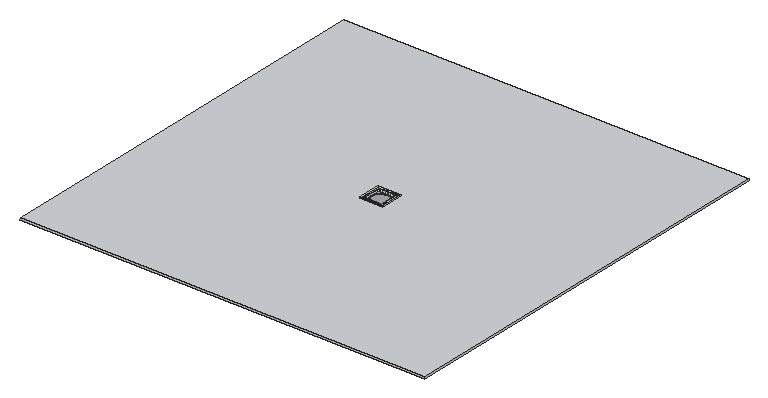
Revit family "J1542", category Lighting Fixtures, host Face, Revit 2014
Parameters (values of type "J1542TZ_Xicato_1100_lm_3000K")
  Wattage Comments = "12-33 W"  # constant formula
  Wattage = 12 W
  Warranty = "5Years limited warranty"
  built-in parameter 1150110 = 1 (stored number, unit not read)
  Voltage = 120 V
  URL = "https://www.hubbell.com/kurtversen/en"
  built-in parameter 1114217 = 1 (stored number, unit not read)
  Tilt Angle = -90.00°
  built-in parameter 1150109 = 1 (stored number, unit not read)
  built-in parameter 1150134 = (empty or 0)
  built-in parameter 1150113 = 1 (stored number, unit not read)
  Product Page URL = "https://www.hubbell.com/kurtversen/en/Products/Lighting-Controls/Commercial-Indoor-Lighting/Recessed-Downlights/4-TechZone-Compatible-Square-LED-Downlights-with-Lens/p/2859621"
  Product Documentation Link = "https://hubbellcdn.com/specsheet/kv_j1542_44_46%20TZ_page.pdf"
  Power Factor = 0.9
  Photometric Web Link = "https://www.hubbell.com/kurtversen/en/Products/Lighting-Controls/Commercial-Indoor-Lighting/Recessed-Downlights/4-TechZone-Compatible-Square-LED-Downlights-with-Lens/p/2859621#prod-photometry-section"
  Photometric Web File = "J1542TZ_Xicato_1100_lm_3000K.ies"
  Photometric Notes = "More IES files download on Photometric Web Link"  # constant formula
  Model = "J1542TZ"
  Manufacturer = "Kurtversen"  # constant formula
  built-in parameter 1150105 = 61.115 (stored number, unit not read)
  Lumens = 768 lm
  built-in parameter 1150115 = 1 (stored number, unit not read)
  Load Classification = Lighting
  built-in parameter 1150137 = (empty or 0)
  built-in parameter 1150139 = (empty or 0)
  built-in parameter 1150112 = 1 (stored number, unit not read)
  built-in parameter 1150114 = 1 (stored number, unit not read)
  Lamp = "LED"  # constant formula
  built-in parameter 1150132 = (empty or 0)
  built-in parameter 1150102 = (empty or 0)
  built-in parameter 1150107 = 3000 (stored number, unit not read)
  built-in parameter 1150138 = (empty or 0)
  built-in parameter 1150106 = 0.61115 (stored number, unit not read)
  Glass = Hubbell - White Glass
  Features = "Lumen Packages: 1100 lm, 1500 lm, 2100 lm, 2800 lm\r\nStandard 80 CRI, Xicato Artist and Vibrant series available\r\n2700K, 3000K, 3500K, 4000K available.\r\nRated Life is 50,000 hours at 70% lumen output.\r\nDimming is standard 0-10V/10%. Available with: Lutron to 1%, 3 wire control. Lutron EcoSystem to 1%, digital 4 wire. DALI to 1%. 0-10V to 1%. 0-1-V to .1%. DMX Enabled."  # constant formula
  Enclosure = Paint - Hubbell - Machined Aluminum
  Emit from Rectangle Width = 4.00"
  Emit from Rectangle Length = 4.00"
  Emit Shape Visible in Rendering = no
  built-in parameter 1150104 = 5.9458 (stored number, unit not read)
  Dimming Lamp Color Temperature Shift = <None>
  Description = "Wide, Medium, Narrow Downlights. Compatible with Armstrong® TechZone™ ceiling grid systems in 3 ceiling panel styles. Downlight LED optical systems are engineered to provide optimal performance while maintaining a quiet ceiling presence. Products are provided standard with a clear Solite lens, providing an even distribution with maximum brightness control."  # constant formula
  Default Elevation = 48.00"
  Contact us = "https://www.hubbell.com/kurtversen/en/contactUs"
  Color Filter = 16777215
  built-in parameter 1114218 = 1 (stored number, unit not read)
  Hardware Finish = Steel - Hubbell
  built-in parameter 1150133 = 10 (stored number, unit not read)
  Assembly Code = "D5020200"
  Application = "Commerical Indoor,Education,Healthcare,Hospitality,Office,Lobby,Conference Room,Classroom,Waiting Room,Auditorium,Guest Room,Dining Area"  # constant formula
  Apparent Load = 12 VA
  Aperture = "4-5 in"  # constant formula
Types (6): name | Wattage | Photometric Web File | Model | built-in parameter 1150105 | Lumens | built-in parameter 1150106 | built-in parameter 1150104 | Apparent Load
  J1542TZ_Xicato_1100_lm_3000K | 12 W | "J1542TZ_Xicato_1100_lm_3000K.ies" | "J1542TZ" | 61.115 (stored number, unit not read) | 768 lm | 0.61115 (stored number, unit not read) | 5.9458 (stored number, unit not read) | 12 VA
  J1542TZ_Xicato_2100_lm_3000K | 24 W | "J1542TZ_Xicato_2100_lm_3000K.ies" | "J1542TZ" | 124.11 (stored number, unit not read) | 1560 lm | 1.2411 (stored number, unit not read) | 6.0387 (stored number, unit not read) | 24 VA
  J1544TZ_Xicato_1100_lm_3000K | 12 W | "J1544TZ_Xicato_1100_lm_3000K.ies" | "J1544TZ" | 68.735 (stored number, unit not read) | 864 lm | 0.68735 (stored number, unit not read) | 6.689 (stored number, unit not read) | 12 VA
  J1544TZ_Xicato_2100_lm_3000K | 24 W | "J1544TZ_Xicato_2100_lm_3000K.ies" | "J1544TZ" | 135.56 (stored number, unit not read) | 1704 lm | 1.3556 (stored number, unit not read) | 6.5961 (stored number, unit not read) | 24 VA
  J1546TZ_Xicato_1100_lm_3000K | 12 W | "J1546TZ_Xicato_1100_lm_3000K.ies" | "J1546TZ" | 68.735 (stored number, unit not read) | 864 lm | 0.68735 (stored number, unit not read) | 6.689 (stored number, unit not read) | 12 VA
  J1546TZ_Xicato_2100_lm_3000K | 24 W | "J1546TZ_Xicato_2100_lm_3000K.ies" | "J1546TZ" | 139.38 (stored number, unit not read) | 1752 lm | 1.3938 (stored number, unit not read) | 6.7819 (stored number, unit not read) | 24 VA
Reference planes (in)
  plane 1 "Center (Front/Back)": y = 0.03999
  plane 2: z = 0
  plane 3 "Center (Left/Right)": x = -8.24832
  plane 4: x = -13.24832
  plane 5: x = 1.12668
  plane 6: y = 5.91499
  plane 7: y = -5.83501
  plane 8: z = -0.125
  plane 9: z = -3
  plane 10: z = -3.125
  plane 11: z = 0.375
  plane 12: x = -10.17454
  plane 13: x = -6.42646
  plane 14: x = -2.9049
  plane 15: x = -0.9049
  plane 16: y = 2.57276
  plane 17: y = -2.49278
  plane 18: y = 1.91499
  plane 19: y = -1.83501
  plane 20: z = -4.8175
  plane 21: z = 0.125
  plane 22: y = 3.03999
  plane 23: y = -2.96001
  plane 24: z = -7.95086
  plane 25: through (-11.24784, -180.00079, 1.64402) normal (0.9773, 0, 0.2119)
  plane 26: through (-11.00176, -180.00079, 1.69737) normal (0.9773, 0, 0.2119)
Forms (in)
  Extrusion 1, solid
    sketch origin (-7.24832, 0, -2.58562) x (1, 0, 0) y (0, 1, 0)
      loop
        line (-48, 48) -> (-48, -48) -> (48, -48) -> (48, 48) -> (-48, 48)
    from 2.96062 to 2.58562
  Extrusion 2, void
    sketch origin (0, 0, 0) x (1, 0, 0) y (0, 1, 0)
      loop
        line (-10.49832, -2.21001) -> (-5.99832, -2.21001) -> (-5.99832, 2.28999) -> (-10.49832, 2.28999) -> (-10.49832, -2.21001)
    from 0.4375 to -0.125
  Extrusion 3, solid, material "Hubbell - White Glass" <- "Glass"
    sketch origin (-16.83938, -180, -2.60705) x (-1, 0, 0) y (0, -1, 0)
      loop
        line (-6.33728, -177.79041) -> (-10.83728, -177.79041) -> (-10.83728, -182.2826) -> (-6.33728, -182.2826) -> (-6.33728, -177.79041)
    from 3 to 3.125
  Extrusion 4, solid, material "Paint - Hubbell - Machined Aluminum" <- "Enclosure"
    sketch origin (0, 0.03999, 0) x (1, 0, 0) y (0, 0, 1)
      loop
        line (-13.24832, -0.125) -> (-13.24832, -7.07873) -> (-0.9049, -7.07873) -> (-0.9049, -0.125) -> (-13.24832, -0.125)
    from -3 to 3
  Sweep 5, solid
    path origin (0, 0, 0) x (1, 0, 0) y (0, 1, 0)
      loop
        line (-10.50209, -2.20959) -> (-6.00209, -2.20959) -> (-6.00209, 2.2826) -> (-10.50209, 2.2826) -> (-10.50209, -2.20959)
    profile origin (-8.25209, -2.20959, 0) x (0, 1, 0) y (0, 0, 1)
      loop
        line (-0.04587, 0.54914) -> (-0.5, 0.54914) -> (-0.5, 0.375) -> (-0.14381, 0.375) -> (0.01911, -0.16268) -> (0.15715, -0.12085) -> (-0.04587, 0.54914)
  Extrusion 6, solid, material "Steel - Hubbell" <- "Hardware Finish", detail levels medium+fine
    sketch origin (-12.34876, 0.24682, -1.5625) x (1, 0, 0) y (0, 1, 0)
      loop
        line (-2.9049, 2.57276) -> (-2.9049, -2.49278) -> (-0.9049, -2.49278) -> (-0.9049, 2.57276) -> (-2.9049, 2.57276)
    from -3.125 to 0
  Extrusion 7, solid, material "Steel - Hubbell" <- "Hardware Finish"
    sketch origin (-16.84589, -180, -4.69001) x (-1, 0, 0) y (0, -1, 0)
      loop
        arc (-8.70908, -181.77339) -> (-8.53597, -181.78005) -> (-8.36304, -181.76953) r 1.74754
        line (-8.36304, -181.76953) -> (-8.36304, -181.67723) -> (-8.49788, -181.67723) -> (-8.49788, -181.55918) -> (-8.59106, -181.55918) -> (-8.59106, -181.67723) -> (-8.70908, -181.67723) -> (-8.70908, -181.77339)
      loop
        arc (-9.17317, -181.68651) -> (-8.99815, -181.73827) -> (-8.81868, -181.77148) r 1.74639
        line (-8.81868, -181.77148) -> (-8.79431, -181.68053) -> (-8.9248, -181.64556) -> (-8.89425, -181.53153) -> (-8.98425, -181.50742) -> (-9.0148, -181.62145) -> (-9.14629, -181.58621) -> (-9.17317, -181.68651)
      loop
        arc (-9.67441, -181.40975) -> (-9.52553, -181.51533) -> (-9.36646, -181.6048) r 1.74639
        line (-9.36646, -181.6048) -> (-9.31398, -181.52662) -> (-9.42615, -181.45133) -> (-9.36036, -181.35331) -> (-9.43772, -181.30138) -> (-9.50351, -181.3994) -> (-9.61654, -181.32353) -> (-9.67441, -181.40975)
      loop
        arc (-9.99201, -181.08268) -> (-9.87554, -181.2232) -> (-9.74504, -181.35079) r 1.74639
        line (-9.74504, -181.35079) -> (-9.67411, -181.28885) -> (-9.76297, -181.1871) -> (-9.67405, -181.10945) -> (-9.73534, -181.03927) -> (-9.82426, -181.11692) -> (-9.9138, -181.01438) -> (-9.99201, -181.08268)
      loop
        arc (-10.24565, -180.59873) -> (-10.1783, -180.76836) -> (-10.09362, -180.93004) r 1.74639
        line (-10.09362, -180.93004) -> (-10.00702, -180.89305) -> (-10.06009, -180.76881) -> (-9.95153, -180.72244) -> (-9.98813, -180.63675) -> (-10.09669, -180.68313) -> (-10.15016, -180.55794) -> (-10.24565, -180.59873)
      loop
        arc (-10.33389, -180.15145) -> (-10.31274, -180.33273) -> (-10.27278, -180.51082) r 1.74639
        line (-10.27278, -180.51082) -> (-10.17956, -180.4975) -> (-10.19867, -180.36376) -> (-10.0818, -180.34707) -> (-10.09498, -180.25483) -> (-10.21184, -180.27153) -> (-10.23109, -180.13677) -> (-10.33389, -180.15145)
      loop
        line (-7.92357, -181.65379) -> (-7.95566, -181.55504) -> (-8.08512, -181.5971) -> (-8.1216, -181.48483) -> (-8.21021, -181.51362) -> (-8.17373, -181.62589) -> (-8.30222, -181.66764) -> (-8.27312, -181.7572)
        arc (-8.27312, -181.7572) -> (-8.09564, -181.71464) -> (-7.92357, -181.65379) r 1.74639
      loop
        line (-7.5077, -181.40975) -> (-7.56557, -181.32353) -> (-7.6786, -181.3994) -> (-7.74439, -181.30138) -> (-7.82176, -181.35331) -> (-7.75596, -181.45133) -> (-7.86813, -181.52662) -> (-7.81565, -181.6048)
        arc (-7.81565, -181.6048) -> (-7.65658, -181.51533) -> (-7.5077, -181.40975) r 1.74639
      loop
        line (-7.1901, -181.08268) -> (-7.26831, -181.01438) -> (-7.35785, -181.11692) -> (-7.44677, -181.03927) -> (-7.50806, -181.10945) -> (-7.41914, -181.1871) -> (-7.508, -181.28885) -> (-7.43707, -181.35079)
        arc (-7.43707, -181.35079) -> (-7.30657, -181.2232) -> (-7.1901, -181.08268) r 1.74639
      loop
        line (-6.93646, -180.59873) -> (-7.03195, -180.55794) -> (-7.08542, -180.68313) -> (-7.19398, -180.63675) -> (-7.23058, -180.72244) -> (-7.12202, -180.76881) -> (-7.17509, -180.89305) -> (-7.08849, -180.93004)
        arc (-7.08849, -180.93004) -> (-7.00381, -180.76836) -> (-6.93646, -180.59873) r 1.74639
      loop
        line (-6.84822, -180.15145) -> (-6.95102, -180.13677) -> (-6.97027, -180.27153) -> (-7.08713, -180.25483) -> (-7.10031, -180.34707) -> (-6.98344, -180.36376) -> (-7.00255, -180.4975) -> (-6.90933, -180.51082)
        arc (-6.90933, -180.51082) -> (-6.86937, -180.33273) -> (-6.84822, -180.15145) r 1.74639
      loop
        line (-8.70908, -178.30659) -> (-8.70908, -178.40275) -> (-8.59106, -178.40275) -> (-8.59106, -178.5208) -> (-8.49788, -178.5208) -> (-8.49788, -178.40275) -> (-8.36304, -178.40275) -> (-8.36304, -178.31045)
        arc (-8.36304, -178.31045) -> (-8.53597, -178.29993) -> (-8.70908, -178.30659) r 1.74754
      loop
        line (-9.17317, -178.39347) -> (-9.14629, -178.49377) -> (-9.0148, -178.45854) -> (-8.98425, -178.57257) -> (-8.89425, -178.54845) -> (-8.9248, -178.43442) -> (-8.79431, -178.39946) -> (-8.81868, -178.3085)
        arc (-8.81868, -178.3085) -> (-8.99815, -178.34171) -> (-9.17317, -178.39347) r 1.74639
      loop
        line (-9.67441, -178.67023) -> (-9.61654, -178.75645) -> (-9.50351, -178.68058) -> (-9.43772, -178.7786) -> (-9.36036, -178.72668) -> (-9.42615, -178.62866) -> (-9.31398, -178.55337) -> (-9.36646, -178.47518)
        arc (-9.36646, -178.47518) -> (-9.52553, -178.56465) -> (-9.67441, -178.67023) r 1.74639
      loop
        line (-9.99201, -178.9973) -> (-9.9138, -179.0656) -> (-9.82426, -178.96307) -> (-9.73534, -179.04072) -> (-9.67405, -178.97054) -> (-9.76297, -178.89288) -> (-9.67411, -178.79113) -> (-9.74504, -178.72919)
        arc (-9.74504, -178.72919) -> (-9.87554, -178.85678) -> (-9.99201, -178.9973) r 1.74639
      loop
        line (-10.24565, -179.48125) -> (-10.15016, -179.52204) -> (-10.09669, -179.39686) -> (-9.98813, -179.44323) -> (-9.95153, -179.35754) -> (-10.06009, -179.31117) -> (-10.00702, -179.18693) -> (-10.09362, -179.14994)
        arc (-10.09362, -179.14994) -> (-10.1783, -179.31162) -> (-10.24565, -179.48125) r 1.74639
      loop
        line (-10.33389, -179.92853) -> (-10.23109, -179.94321) -> (-10.21184, -179.80846) -> (-10.09498, -179.82515) -> (-10.0818, -179.73291) -> (-10.19867, -179.71622) -> (-10.17956, -179.58248) -> (-10.27278, -179.56916)
        arc (-10.27278, -179.56916) -> (-10.31274, -179.74725) -> (-10.33389, -179.92853) r 1.74639
      loop
        arc (-7.92357, -178.42619) -> (-8.09564, -178.36534) -> (-8.27312, -178.32278) r 1.74639
        line (-8.27312, -178.32278) -> (-8.30222, -178.41234) -> (-8.17373, -178.45409) -> (-8.21021, -178.56636) -> (-8.1216, -178.59516) -> (-8.08512, -178.48288) -> (-7.95566, -178.52495) -> (-7.92357, -178.42619)
      loop
        arc (-7.5077, -178.67023) -> (-7.65658, -178.56465) -> (-7.81565, -178.47518) r 1.74639
        line (-7.81565, -178.47518) -> (-7.86813, -178.55337) -> (-7.75596, -178.62866) -> (-7.82176, -178.72668) -> (-7.74439, -178.7786) -> (-7.6786, -178.68058) -> (-7.56557, -178.75645) -> (-7.5077, -178.67023)
      loop
        arc (-7.1901, -178.9973) -> (-7.30657, -178.85678) -> (-7.43707, -178.72919) r 1.74639
        line (-7.43707, -178.72919) -> (-7.508, -178.79113) -> (-7.41914, -178.89288) -> (-7.50806, -178.97054) -> (-7.44677, -179.04072) -> (-7.35785, -178.96307) -> (-7.26831, -179.0656) -> (-7.1901, -178.9973)
      loop
        arc (-6.93646, -179.48125) -> (-7.00381, -179.31162) -> (-7.08849, -179.14994) r 1.74639
        line (-7.08849, -179.14994) -> (-7.17509, -179.18693) -> (-7.12202, -179.31117) -> (-7.23058, -179.35754) -> (-7.19398, -179.44323) -> (-7.08542, -179.39686) -> (-7.03195, -179.52204) -> (-6.93646, -179.48125)
      loop
        arc (-6.84822, -179.92853) -> (-6.86937, -179.74725) -> (-6.90933, -179.56916) r 1.74639
        line (-6.90933, -179.56916) -> (-7.00255, -179.58248) -> (-6.98344, -179.71622) -> (-7.10031, -179.73291) -> (-7.08713, -179.82515) -> (-6.97027, -179.80846) -> (-6.95102, -179.94321) -> (-6.84822, -179.92853)
    from 1.04065 to -0.12749
  Extrusion 8, solid, material "Steel - Hubbell" <- "Hardware Finish"
    sketch origin (-16.83916, -180, -4.3148) x (-1, 0, 0) y (0, -1, 0)
      loop
        circle (-8.59106, -180.03999) r 1.51919
    from 0.67121 to -0.52244
  Revolve 9, solid, material "Steel - Hubbell" <- "Hardware Finish", detail levels medium+fine
    sketch origin (-0.01375, 0.0392, -1.58934) x (1, 0, 0) y (0, 0, 1)
      loop
        line (-9.53931, -0.34911) -> (-9.60601, -0.38022) -> (-9.0713, -2.1041) -> (-8.99696, -2.0976) -> (-9.53931, -0.34911)
      axis (-8.24832, -0.34911) -> (-8.24832, -2.1041)
    angle from 0 to 360
  Extrusion 10, solid, material "Steel - Hubbell" <- "Hardware Finish"
    sketch origin (-0.03727, 0.03999, 1.44544) x (0.961262, 0, 0.275637) y (-0.275637, 0, 0.961262)
      loop
        line (-10.20021, -0.69311) -> (-10.20021, -0.63601) -> (-10.36038, -0.79618) -> (-10.74901, -2.24656) -> (-10.70397, -2.25863) -> (-10.31534, -0.80824) -> (-10.20021, -0.69311)
      loop
        line (-7.39463, -1.29773) -> (-7.34885, -1.62342) -> (-8.00781, -2.91669) -> (-7.96626, -2.93786) -> (-7.29323, -1.61696) -> (-7.34698, -1.2345) -> (-7.39463, -1.29773)
    from -0.32377 to 0.24006
  Revolve 11, solid, material "Steel - Hubbell" <- "Hardware Finish"
    sketch origin (0, 0.03999, 0) x (1, 0, 0) y (0, 0, 1)
      loop
        line (-6.22169, -0.10961) -> (-6.6948, -1.12421) -> (-6.63262, -1.13743) -> (-6.1595, -0.12283) -> (-6.22169, -0.10961)
      loop
        line (-6.67956, -1.22976) -> (-6.75793, -1.22976) -> (-6.9573, -1.9738) -> (-6.87892, -1.9738) -> (-6.67956, -1.22976)
      axis (-8.24832, -0.10961) -> (-8.24832, -1.9738)
    angle from 0 to 360
  Extrusion 12, solid, material "Steel - Hubbell" <- "Hardware Finish"
    sketch origin (0, 0, 0) x (1, 0, 0) y (0, 1, 0)
      loop
        circle (-8.24832, 0.03999) r 1.61571
      loop
        circle (-8.24832, 0.03999) r 1.51571
    from -1.22976 to -1.13743
  Extrusion 13, solid, material "Steel - Hubbell" <- "Hardware Finish"
    sketch origin (0, 0, 0) x (1, 0, 0) y (0, 1, 0)
      loop
        line (-6.15924, 2.12545) -> (-10.34495, 2.12545) -> (-10.34495, -2.05244) -> (-6.15924, -2.05244) -> (-6.15924, 2.12545)
      loop
        circle (-8.27196, 0.03651) r 2.05026
    from -0.21191 to -0.125
Lines and regions (in)
  symbolic lines
    curve 1: line (-13.24832, 5.91499, -3.125) -> (1.12668, 5.91499, -3.125)
    curve 2: line (-13.24832, -5.83501, -3.125) -> (-13.24832, 5.91499, -3.125)
    curve 3: line (1.12668, -5.83501, -3.125) -> (-13.24832, -5.83501, -3.125)
    curve 4: line (1.12668, 5.91499, -3.125) -> (1.12668, -5.83501, -3.125)
    curve 5: circle (-8.24832, 0.03999, -3.125) r 2.625 normal (0, 0, 1)
    curve 6: circle (-8.24832, 0.03999, -3.125) r 2 normal (0, 0, 1)
Dimensions and locks (in)
  equal spacing: plane 7, plane 1 "Center (Front/Back)", plane 6, locked at 5.875 each
  locked: plane 6 to plane 7 at 11.75
  locked: plane 4 to plane 5 at 14.375
  locked: plane 4 to plane 3 "Center (Left/Right)" at 5
  locked: Extrusion 1 to plane 8 at 0.5
  locked: plane 11 to plane 2 at 0.375
  locked: plane 2 to plane 8 at 0.125
  locked: plane 14 to plane 15 at 2
  equal spacing: plane 16, plane 1 "Center (Front/Back)", plane 17, locked at 2.53277 each
  locked: plane 9 to plane 10 at 0.125
  locked: plane 11 to plane 10 at 3.5
  equal spacing: plane 18, plane 1 "Center (Front/Back)", plane 19, locked at 1.875 each
  plane 13 to plane 12 = 3.74808"
  Revolve 9 sketch curve to Revolve 9 sketch curve = 1.29098"
  aligned and locked: Extrusion 1 to plane 2
  aligned and locked: Extrusion 2 to plane 8
  aligned and locked: Extrusion 4 to plane 22
  aligned and locked: plane 23 to Extrusion 4
Automatic sketch dimensions
  Extrusion 1 sketch curve to Extrusion 1 sketch curve = 96.00"  (x2)
  Extrusion 2 sketch curve to plane 12 = 0.32379"
  plane 13 to Extrusion 2 sketch curve = 0.42813"
  Extrusion 2 sketch curve to plane 17 = 0.28277"
  Extrusion 2 sketch curve to plane 16 = 0.28277"
  curve 5 to curve 6 = 0.00"  (x2)
  curve 1 to plane 5 = 0.00"
  plane 1 "Center (Front/Back)" to curve 6 = 0.00"
  curve 6 to plane 3 "Center (Left/Right)" = 0.00"
  curve 2 to plane 4 = 0.00"
  curve 1 to plane 6 = 0.00"
  plane 7 to curve 4 = 0.00"
  plane 13 to Extrusion 3 sketch curve = 0.42436"
  Extrusion 3 sketch curve to plane 12 = 0.32756"
  Extrusion 3 sketch curve to plane 16 = 0.29016"
  Extrusion 3 sketch curve to plane 17 = 0.28319"
  Extrusion 4 sketch curve to plane 4 = 0.00"
  Extrusion 4 sketch curve to plane 15 = 0.00"
  Extrusion 4 sketch curve to plane 8 = 0.00"
  Extrusion 4 sketch curve to plane 24 = 0.87214"
  Sweep 5 sketch curve to plane 12 = 0.32756"
  plane 13 to Sweep 5 sketch curve = 0.42436"
  Sweep 5 sketch curve to plane 17 = 0.28319"
  Sweep 5 sketch curve to plane 16 = 0.29016"
  Extrusion 6 sketch curve to plane 17 = 0.24682"
  Extrusion 6 sketch curve to plane 4 = 2.00533"
  Extrusion 6 sketch curve to plane 4 = 0.00533"
  plane 22 to Extrusion 6 sketch curve = 0.22041"
  Revolve 11 sketch curve to plane 3 "Center (Left/Right)" = 0.00"
  Revolve 11 sketch curve to plane 13 = 0.53084"
  Revolve 11 sketch curve to Revolve 11 sketch curve = 0.07838"  (x2)
  Revolve 11 sketch curve to plane 13 = 0.26835"
  Revolve 11 sketch curve to Revolve 11 sketch curve = 0.06219"  (x2)
  plane 8 to Revolve 11 sketch curve = 0.01539"
  plane 13 to Revolve 11 sketch curve = 0.20477"
  plane 8 to Revolve 11 sketch curve = 0.00217"
  Revolve 11 sketch curve to plane 8 = 0.99921"
  Revolve 11 sketch curve to Revolve 11 sketch curve = 0.01322"
  Revolve 11 sketch curve to Revolve 11 sketch curve = 0.84959"
  Revolve 11 sketch curve to Revolve 11 sketch curve = 0.06313"
  Revolve 11 sketch curve to Revolve 11 sketch curve = 0.10555"
  plane 20 to Revolve 11 sketch curve = 0.91455"
  plane 11 to Revolve 11 sketch curve = 4.14295"
  Extrusion 7 sketch curve to Extrusion 7 sketch curve = 0.00"  (x383)
  plane 1 "Center (Front/Back)" to Extrusion 7 sketch curve = 0.00"
  Extrusion 7 sketch curve to plane 13 = 0.08554"  (x2)
  Extrusion 7 sketch curve to plane 13 = 0.14665"  (x2)
  Extrusion 7 sketch curve to Extrusion 7 sketch curve = 0.02713"  (x4)
  Extrusion 7 sketch curve to plane 1 "Center (Front/Back)" = 0.09678"  (x2)
  Extrusion 7 sketch curve to Extrusion 7 sketch curve = 0.10279"  (x2)
  plane 1 "Center (Front/Back)" to Extrusion 7 sketch curve = 0.09678"  (x2)
  Extrusion 7 sketch curve to Extrusion 7 sketch curve = 0.01925"  (x2)
  Extrusion 7 sketch curve to Extrusion 7 sketch curve = 0.01318"  (x4)
  plane 1 "Center (Front/Back)" to Extrusion 7 sketch curve = 0.45751"
  Extrusion 7 sketch curve to Extrusion 7 sketch curve = 0.09322"  (x4)
  Extrusion 7 sketch curve to plane 1 "Center (Front/Back)" = 0.45751"
  Extrusion 7 sketch curve to Extrusion 7 sketch curve = 0.0294"  (x4)
  Extrusion 7 sketch curve to Extrusion 7 sketch curve = 0.05347"  (x4)
  Extrusion 7 sketch curve to Extrusion 7 sketch curve = 0.11687"  (x2)
  Extrusion 7 sketch curve to Extrusion 7 sketch curve = 0.00307"  (x2)
  Extrusion 7 sketch curve to plane 1 "Center (Front/Back)" = 0.30708"  (x2)
  Extrusion 7 sketch curve to Extrusion 7 sketch curve = 0.0366"  (x8)
  Extrusion 7 sketch curve to Extrusion 7 sketch curve = 0.0866"  (x4)
  Extrusion 7 sketch curve to Extrusion 7 sketch curve = 0.10161"  (x2)
  Extrusion 7 sketch curve to Extrusion 7 sketch curve = 0.10856"  (x4)
  Extrusion 7 sketch curve to Extrusion 7 sketch curve = 0.07821"  (x4)
  Extrusion 7 sketch curve to Extrusion 7 sketch curve = 0.08954"  (x4)
  Extrusion 7 sketch curve to Extrusion 7 sketch curve = 0.06129"  (x8)
  Extrusion 7 sketch curve to Extrusion 7 sketch curve = 0.01793"  (x2)
  Extrusion 7 sketch curve to Extrusion 7 sketch curve = 0.08892"  (x4)
  Extrusion 7 sketch curve to Extrusion 7 sketch curve = 0.07063"  (x4)
  Extrusion 7 sketch curve to Extrusion 7 sketch curve = 0.07093"  (x2)
  Extrusion 7 sketch curve to plane 19 = 0.59146"  (x2)
  Extrusion 7 sketch curve to Extrusion 7 sketch curve = 0.05757"  (x4)
  Extrusion 7 sketch curve to plane 18 = 0.59146"  (x2)
  Extrusion 7 sketch curve to Extrusion 7 sketch curve = 0.11303"  (x2)
  Extrusion 7 sketch curve to Extrusion 7 sketch curve = 0.06579"  (x4)
  Extrusion 7 sketch curve to plane 19 = 0.46367"  (x2)
  Extrusion 7 sketch curve to Extrusion 7 sketch curve = 0.07736"  (x2)
  Extrusion 7 sketch curve to plane 18 = 0.46367"  (x2)
  Extrusion 7 sketch curve to plane 18 = 0.31019"  (x2)
  Extrusion 7 sketch curve to Extrusion 7 sketch curve = 0.05969"  (x2)
  Extrusion 7 sketch curve to plane 19 = 0.31019"  (x2)
  Extrusion 7 sketch curve to plane 19 = 0.22848"
  Extrusion 7 sketch curve to Extrusion 7 sketch curve = 0.19329"  (x2)
  Extrusion 7 sketch curve to plane 18 = 0.22848"
  Extrusion 7 sketch curve to plane 19 = 0.32878"
  Extrusion 7 sketch curve to Extrusion 7 sketch curve = 0.02687"  (x2)
  Extrusion 7 sketch curve to plane 18 = 0.32878"
  Extrusion 7 sketch curve to plane 18 = 0.29355"
  Extrusion 7 sketch curve to plane 19 = 0.29355"
  Extrusion 7 sketch curve to Extrusion 7 sketch curve = 0.03055"  (x2)
  Extrusion 7 sketch curve to Extrusion 7 sketch curve = 0.09"  (x2)
  plane 1 "Center (Front/Back)" to Extrusion 7 sketch curve = 1.49154"
  Extrusion 7 sketch curve to plane 1 "Center (Front/Back)" = 1.49154"
  Extrusion 7 sketch curve to plane 18 = 0.14351"
  Extrusion 7 sketch curve to plane 19 = 0.14351"
  Extrusion 7 sketch curve to Extrusion 7 sketch curve = 0.08523"  (x2)
  Extrusion 7 sketch curve to plane 3 "Center (Left/Right)" = 0.00651"  (x2)
  plane 1 "Center (Front/Back)" to Extrusion 7 sketch curve = 0.00737"
  Extrusion 7 sketch curve to Extrusion 7 sketch curve = 0.03559"
  Extrusion 7 sketch curve to plane 1 "Center (Front/Back)" = 0.00737"
  Extrusion 7 sketch curve to Extrusion 7 sketch curve = 0.09318"  (x2)
  Extrusion 7 sketch curve to Extrusion 7 sketch curve = 0.13484"  (x2)
  Extrusion 7 sketch curve to Extrusion 7 sketch curve = 0.06082"  (x2)
  Extrusion 7 sketch curve to plane 19 = 0.15779"
  Extrusion 7 sketch curve to Extrusion 7 sketch curve = 0.08992"  (x2)
  Extrusion 7 sketch curve to plane 18 = 0.15779"
  Extrusion 7 sketch curve to Extrusion 7 sketch curve = 0.092"  (x2)
  Extrusion 7 sketch curve to Extrusion 7 sketch curve = 0.03648"  (x2)
  Extrusion 7 sketch curve to Extrusion 7 sketch curve = 0.08861"  (x4)
  Extrusion 7 sketch curve to plane 19 = 0.31789"
  Extrusion 7 sketch curve to plane 18 = 0.31789"
  Extrusion 7 sketch curve to plane 18 = 0.35996"
  Extrusion 7 sketch curve to plane 19 = 0.35996"
  Extrusion 7 sketch curve to Extrusion 7 sketch curve = 0.08752"  (x2)
  Extrusion 7 sketch curve to Extrusion 7 sketch curve = 0.04638"  (x2)
  Extrusion 7 sketch curve to Extrusion 7 sketch curve = 0.05248"  (x2)
  Extrusion 7 sketch curve to plane 18 = 0.61361"
  Extrusion 7 sketch curve to plane 19 = 0.61361"
  Extrusion 7 sketch curve to plane 19 = 0.51559"
  Extrusion 7 sketch curve to plane 18 = 0.51559"
  Extrusion 7 sketch curve to Extrusion 7 sketch curve = 0.05752"  (x2)
  Extrusion 7 sketch curve to Extrusion 7 sketch curve = 0.03773"  (x2)
  Extrusion 7 sketch curve to Extrusion 7 sketch curve = 0.09367"  (x2)
  plane 1 "Center (Front/Back)" to Extrusion 7 sketch curve = 0.30708"
  Extrusion 7 sketch curve to plane 1 "Center (Front/Back)" = 0.21484"
  plane 1 "Center (Front/Back)" to Extrusion 7 sketch curve = 0.21484"
  Extrusion 7 sketch curve to plane 1 "Center (Front/Back)" = 0.32377"
  plane 1 "Center (Front/Back)" to Extrusion 7 sketch curve = 0.32377"
  Extrusion 7 sketch curve to plane 1 "Center (Front/Back)" = 0.23153"
  plane 1 "Center (Front/Back)" to Extrusion 7 sketch curve = 0.23153"
  Extrusion 7 sketch curve to Extrusion 7 sketch curve = 0.09549"  (x2)
  Extrusion 7 sketch curve to Extrusion 7 sketch curve = 0.00191"
  Extrusion 7 sketch curve to Extrusion 7 sketch curve = 0.09616"
  Extrusion 7 sketch curve to Extrusion 7 sketch curve = 0.11805"  (x2)
  Extrusion 7 sketch curve to Extrusion 7 sketch curve = 0.05895"  (x2)
  Extrusion 7 sketch curve to Extrusion 7 sketch curve = 0.15265"  (x2)
  Extrusion 7 sketch curve to Extrusion 7 sketch curve = 0.06044"  (x2)
  Extrusion 7 sketch curve to Extrusion 7 sketch curve = 0.12134"  (x3)
  Extrusion 7 sketch curve to Extrusion 7 sketch curve = 0.01233"
  plane 12 to Revolve 9 sketch curve = 0.55477"
  Revolve 9 sketch curve to Revolve 9 sketch curve = 0.06671"
  Revolve 9 sketch curve to plane 3 "Center (Left/Right)" = 0.83673"
  Revolve 9 sketch curve to Revolve 9 sketch curve = 0.07434"
  Revolve 9 sketch curve to plane 10 = 0.56844"
  Revolve 9 sketch curve to Revolve 9 sketch curve = 0.0065"
  plane 9 to Revolve 9 sketch curve = 1.03045"
  Revolve 9 sketch curve to Revolve 9 sketch curve = 0.03111"
  plane 20 to Revolve 9 sketch curve = 1.27188"
  plane 11 to Revolve 9 sketch curve = 0.41062"
  Extrusion 12 sketch curve to Extrusion 12 sketch curve = 0.00"  (x2)
  plane 1 "Center (Front/Back)" to Extrusion 12 sketch curve = 0.00"
  Extrusion 12 sketch curve to plane 3 "Center (Left/Right)" = 0.00"
  plane 12 to Extrusion 12 sketch curve = 0.4105"
  Extrusion 12 sketch curve to Extrusion 12 sketch curve = 0.10"
  profile plane to Sweep 5 sketch curve = 0.50"
  profile plane to Sweep 5 sketch curve = 0.14381"
  profile plane to Sweep 5 sketch curve = 0.04587"
  Sweep 5 sketch curve to profile plane = 0.01911"
  Sweep 5 sketch curve to profile plane = 0.15715"
  Sweep 5 sketch curve to level = 0.16268"
  Sweep 5 sketch curve to level = 0.12085"
  Extrusion 13 sketch curve to plane 12 = 0.17041"
  plane 1 "Center (Front/Back)" to Extrusion 13 sketch curve = 0.00348"
  Extrusion 13 sketch curve to plane 3 "Center (Left/Right)" = 0.02363"
  plane 13 to Extrusion 13 sketch curve = 0.26721"
  plane 19 to Extrusion 13 sketch curve = 0.21743"
  plane 18 to Extrusion 13 sketch curve = 0.21046"
  plane 1 "Center (Front/Back)" to Extrusion 8 sketch curve = 0.00"
  plane 3 "Center (Left/Right)" to Extrusion 8 sketch curve = 0.00022"
  plane 12 to Extrusion 10 sketch curve = 0.42389"
  Extrusion 10 sketch curve to plane 10 = 0.55193"
  Extrusion 10 sketch curve to Extrusion 10 sketch curve = 0.04504"  (x2)
  Extrusion 10 sketch curve to Extrusion 10 sketch curve = 0.38863"
  Extrusion 10 sketch curve to Extrusion 10 sketch curve = 0.11513"  (x2)
  Extrusion 10 sketch curve to Extrusion 10 sketch curve = 2.69616"
  Extrusion 10 sketch curve to Extrusion 10 sketch curve = 0.04154"
  Extrusion 10 sketch curve to Extrusion 10 sketch curve = 0.61318"
  Extrusion 10 sketch curve to Extrusion 10 sketch curve = 0.04577"
  Extrusion 10 sketch curve to Extrusion 10 sketch curve = 0.04765"
  Extrusion 10 sketch curve to Extrusion 10 sketch curve = 0.05562"
  Extrusion 10 sketch curve to Extrusion 10 sketch curve = 0.01207"
  Extrusion 10 sketch curve to Extrusion 10 sketch curve = 0.65806"
  Extrusion 10 sketch curve to Extrusion 10 sketch curve = 0.02117"
  Extrusion 10 sketch curve to Extrusion 10 sketch curve = 0.32569"
  Extrusion 10 sketch curve to Extrusion 10 sketch curve = 0.06323"
  Extrusion 10 sketch curve to Extrusion 10 sketch curve = 0.05711"
  radius of curve 5 = 2.625"
  radius of curve 6 = 2.00"
  radius of Extrusion 13 sketch curve = 2.05026"
  radius of Extrusion 8 sketch curve = 1.51919"
Connectors (in)
  electrical at (-8.25209, 0.03651, 0.375), driven by "Apparent Load"
    settings: on Sweep 5, index 1, voltage 120 V, apparent load 12 VA, apparent load phase1 0 VA, apparent load phase2 0 VA, apparent load phase3 0 VA, power factor 1, load classification "Other", number of poles 1, system type 30, power factor state 1, is connector primary yes, connector utility no, sub classification motor no, connector description "Lighting Connector"
